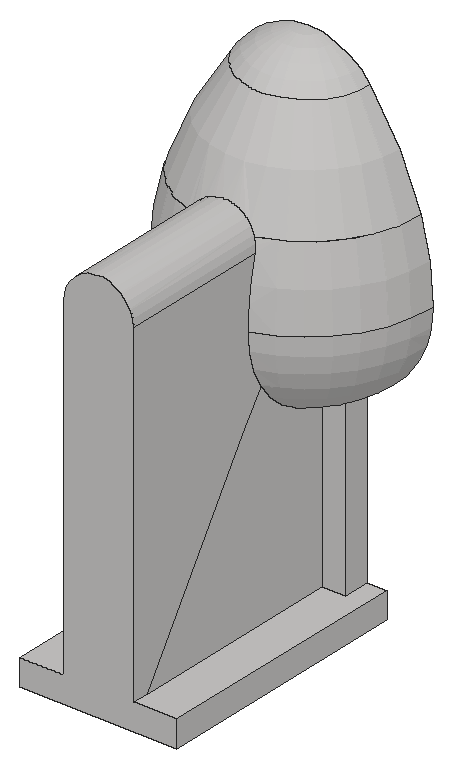
Revit family "LR1695-T-3", category Plumbing Fixtures, host Face, Revit 2018
Family settings
  Host = Face
  Round Connector Dimension = Use Diameter
  Part Type = Normal
  OmniClass Number = 23.45.05.21.11.11
  OmniClass Title = Water Operated Water Closets
  Cut with Voids When Loaded = No
  Shared = Yes
  Room Calculation Point = No
Parameters (values of type "LR1695-T-3")
  Width = 14 1/4"  # constant formula
  Waste Connection = yes
  Warranty Documentation Link = "www.acorneng.com/terms-and-conditions"
  WFU = 10
  W - Wall (Concealed) = no
  Voltage = 0
  Vent Connection = no
  VAC - AcornVac System = no
  URL = "www.acorneng.com"
  Type Comments = ""
  Thickness / Type:  Concrete Block  Steel = no
  Tempered Water Connection = no
  TSC - Toilet Shipping Cover = no
  TG - Twelve Gage Housing = no
  TF Transformer, 120VAC to 24VAC (-MVCFV option) = no
  T - Top (Exposed) = yes
  SW - Wall Sleeve = no
  Product Page URL = "https://www.acorneng.com/lig-res-siphon-jet-toilet-lr1695-series"
  Product Documentation Link = "https://www.acorneng.com/uploads/fileLibrary/LR1695.pdf"
  Model = "LR1695-T-3 "  # constant formula
  Material = Metal Acorn 304 Stainless Steel
  Manufacturer = "Acorn"  # constant formula
  MVCFV - Time-Trol Electronic FV (N/A for Top Supply) = no
  MTPPFV Master-Trol® PLUS Electronic Flush Valve w/ Piezo Button (N/A for Top Supply) = no
  MTPFV Master-Trol® PLUS Electronic Flush Valve (N/A for Top Supply) = no
  MT - Metal Template (Only 1 Required Per Project) = no
  Length = 29"  # constant formula
  LR1695 Ligature Resistant Siphon Jet Toilet = yes
  Installation Type = "Wall Mounted"  # constant formula
  Inlet Diameter Connection = 1 1/2"  # constant formula
  Height = 15"  # constant formula
  HWFU = 0
  HW Connection = yes
  HPS - High Polish Integral Seat = no
  FVT - Flush Valve Thru Wall Connection = no
  FVH - Flush Valve, Hydraulic (N/A for Top Supply) = no
  FVBO - Flush Valve by Others = no
  FV - Flush Valve, Mechanical (N/A for Top Supply, Accessory Options or ADA) = no
  FTE - Flood-Trol, Electronic = no
  FTA - Flood-Trol Auto-Reset (N/A for Top Supply) = no
  FT - Flood-Trol (N/A for Top Supply) = no
  EVSPFV - Electronic Flush Valve w/ Piezo Pushbutton (N/A for Top Supply) = no
  EVSFV - Master-Trol Flush Valve (N/A for Top Supply) = no
  EGE Enviro-Glaze Color Specify: Toilet Exterior Only = no
  EG Enviro-Glaze Color Specify: Toilet Interior & Exterior = no
  Description = "Ligature Resistant Siphon Jet Toilet- On The Floor"
  Default Elevation = 15"
  Creation Date = "4/02/20"  # constant formula
  Connection Size = 2 3/8"  # constant formula
  CWFU = 10
  CW Connection = yes
  Assembly Code = "D2010110"
  Amperage = 0
  ADA - 18" Integral Seat Height = no
  3 On-Floor, Floor Outlet = yes
  1.6 GPF (Not Available in California) = no
  1.28 GPF (HET) = no
Reference planes (in)
  plane 1 "Center (Front/Back)": y = 0
  plane 2: z = 0
  plane 3 "Center (Left/Right)": x = 0
  plane 4: y = -15
  plane 5: x = 0
  plane 6: z = 29
  plane 7: x = 7.125
  plane 8: x = -7.125
  plane 9: y = -1
  plane 10: z = -2.75
  plane 11: z = 2.75
  plane 12: y = 9.60984
  plane 13: y = 3.75
  plane 14: y = -9.5
  plane 15: x = 4.75
  plane 16: y = 11.5
  plane 17: z = 0.03125
  plane 18: y = -14.96875
  plane 19: x = 4.5
  plane 20: z = 4.25
  plane 21: z = 22.688
  plane 22: x = -3.35
  plane 23: x = 3.35
  plane 24: x = -4.5
  plane 25: z = 1.5
Forms (in)
  Revolve 1, solid, material "Metal Acorn 304 Stainless Steel" <- "Material"
    sketch origin (0, 0, 5.22285) x (0, 0, 1) y (1, 0, 0)
      loop
        arc (23.77518, 0) -> (23.24235, 1.99002) -> (21.9104, 3.56163) r 4.70501
        arc (21.9104, 3.56163) -> (19.20724, 5.25341) -> (16.25005, 6.44679) r 18.17867
        arc (16.25005, 6.44679) -> (14.01185, 6.95256) -> (11.72371, 7.125) r 15.62236
        arc (11.72371, 7.125) -> (8.08494, 5.94665) -> (5.83826, 2.85123) r 6.17476
        line (5.83826, 2.85123) -> (5.83826, 0) -> (23.77518, 0)
      axis (23.77518, 0) -> (5.83826, 0)
    angle from 0 to 180
  Revolve 2, void
    sketch origin (0, 0, 0) x (1, 0, 0) y (0, 0, 1)
      loop
        arc (1.65286, 26.13963) -> (0.96864, 26.90371) -> (0, 27.24091) r 2.05081
        line (0, 27.24091) -> (0, 13.45189)
        arc (0, 13.45189) -> (2.33411, 14.04523) -> (3.95651, 15.8251) r 4.192
        arc (3.95651, 15.8251) -> (4.49156, 17.85334) -> (4.23669, 19.93543) r 5.55736
        arc (4.23669, 19.93543) -> (3.07351, 23.09114) -> (1.65286, 26.13963) r 40.55651
      axis (0, 13.45189) -> (0, 27.24091)
    angle from 0 to 360
  Extrusion 3, solid, material "Metal Acorn 304 Stainless Steel" <- "Material"
    sketch origin (-14.37107, -32.5, 1.94576) x (1, 0, 0) y (0, 0, -1)
      loop
        line (11.02107, 1.94576) -> (11.02107, -12.9539)
        arc (11.02107, -12.9539) -> (14.37107, -11.46318) -> (17.72107, -12.9539) r 4.50949
        line (17.72107, -12.9539) -> (17.72107, 1.94576) -> (11.02107, 1.94576)
    from 31 to 32.5
  Revolve 4, solid, material "Metal Acorn 304 Stainless Steel" <- "Material"
    sketch origin (0, 0, -0.125) x (0, 1, 0) y (0, 0, 1)
      loop
        line (0.40854, 2.875) -> (0, 2.875) -> (0, 1.875) -> (0.22395, 1.875) -> (0.22395, 2.04586) -> (0.28612, 2.04586) -> (0.28612, 2.29586) -> (0.40854, 2.29586) -> (0.40854, 2.875)
      axis (0.40854, 2.875) -> (0, 2.875)
    angle from 0 to 360
  Extrusion 5, solid, not visible
    sketch origin (0, 0, 0) x (1, 0, 0) y (0, 0, 1)
      loop
        circle (0, 4.25) r 1.1875
    from 14.96875 to 15
  Blend 6, solid, material "Metal Acorn 304 Stainless Steel" <- "Material"
    base sketch origin (0, 0, 5.22285) x (0, 0, 1) y (1, 0, 0)
      loop
        line (15.48351, 2.00308) -> (-5.22285, 2.00308) -> (-5.22285, -1.99692) -> (15.48351, -1.99692)
        arc (15.48351, -1.99692) -> (17.48351, 0.00308) -> (15.48351, 2.00308) r 2
    top sketch origin (0, 0, 5.22285) x (0, 0, 1) y (1, 0, 0)
      loop
        line (15.46673, 2.00308) -> (-5.22285, 2.00308) -> (-5.22285, -1.99692) -> (15.46673, -1.99692)
        arc (15.46673, -1.99692) -> (17.46673, 0.00308) -> (15.46673, 2.00308) r 2
    from -1.275 to -15
  Extrusion 7, solid, material "Metal Acorn 304 Stainless Steel" <- "Material"
    sketch origin (0, 0, 0) x (0, 1, 0) y (0, 0, 1)
      loop
        line (0, 0) -> (0, 1.5) -> (-15, 1.5) -> (-15, 0) -> (0, 0)
    from -4.5 to 4.5
Cuts and joins
  Revolve 2 cuts Revolve 1
  Revolve 2 cuts Blend 6
  joined: Revolve 1, Extrusion 3, Blend 6, Extrusion 7
Lines and regions (in)
  symbolic lines, detail levels medium+fine
    curve 1: arc (4.23669, -32.5, 19.93543) -> (3.07351, -32.5, 23.09114) -> (1.65286, -32.5, 26.13963) r 40.55651
    curve 2: arc (1.65286, -32.5, 26.13963) -> (0.96864, -32.5, 26.90371) -> (0, -32.5, 27.24091) r 2.05081
    curve 3: arc (0, -32.5, 27.24091) -> (-0.96864, -32.5, 26.90371) -> (-1.65286, -32.5, 26.13963) r 2.05081
    curve 4: arc (-1.65286, -32.5, 26.13963) -> (-3.07351, -32.5, 23.09114) -> (-4.23669, -32.5, 19.93543) r 40.55651
    curve 5: arc (-4.23669, -32.5, 19.93543) -> (-4.49156, -32.5, 17.85334) -> (-3.95651, -32.5, 15.8251) r 5.55736
    curve 6: arc (-3.95651, -32.5, 15.8251) -> (-2.33411, -32.5, 14.04523) -> (0, -32.5, 13.45189) r 4.192
    curve 7: arc (0, -32.5, 13.45189) -> (2.33411, -32.5, 14.04523) -> (3.95651, -32.5, 15.8251) r 4.192
    curve 8: arc (3.95651, -32.5, 15.8251) -> (4.49156, -32.5, 17.85334) -> (4.23669, -32.5, 19.93543) r 5.55736
Dimensions and locks (in)
  Revolve 1 to plane 4 = 15"
  equal spacing: plane 7, plane 3 "Center (Left/Right)", plane 8
  plane 7 to plane 8 = 14 1/4"  (x2)
  plane 13 to plane 4 = 18 3/4"
  locked: plane 17 to level at 0.03125
  locked: plane 18 to plane 4 at 0.03125
  plane 3 "Center (Left/Right)" to plane 19 = 4 1/2"
  locked: plane 20 to host face at 4.25
  plane 6 to host face = 29"
  plane 3 "Center (Left/Right)" to Blend 6 sketch curve = 1.99692"
  plane 21 to host face = 22.688"  (x2)
  plane 23 to plane 3 "Center (Left/Right)" = 3.35"
  plane 19 to plane 3 "Center (Left/Right)" = 4 1/2"
  plane 3 "Center (Left/Right)" to plane 22 = 3.35"
  plane 3 "Center (Left/Right)" to plane 24 = 4 1/2"
  plane 25 to host face = 1 1/2"
  plane 19 to plane 24 = 9"
  cut or joined group of Revolve 1, Revolve 2, Extrusion 3, Blend 6, Extrusion 7 to cut or joined group of Revolve 1, Revolve 2, Extrusion 3, Blend 6, Extrusion 7 = 6.7"
  plane 20 to host face = 4 1/4"
  plane 11 to host face = 2 3/4"
  "Connection Size": diameter of Extrusion 5 sketch curve
  aligned and locked: plane 2 to host face
  aligned and locked: level to host face
  aligned and locked: plane 5 to Revolve 1 sketch curve  (x2)
  aligned and locked: plane 3 "Center (Left/Right)" to Revolve 4
  aligned and locked: plane 4 to Extrusion 5
  aligned and locked: Extrusion 5 to plane 18
  aligned and locked: plane 20 to Extrusion 5 sketch curve
  aligned and locked: plane 3 "Center (Left/Right)" to Extrusion 5 sketch curve
Automatic sketch dimensions
  host sketch curve to host sketch curve = 96"  (x2)
  Revolve 1 sketch curve to plane 7 = 0"  (x2)
  Revolve 1 sketch curve to plane 11 = 8.31111"
  Revolve 1 sketch curve to plane 8 = 3.81766"
  Revolve 1 sketch curve to Revolve 1 sketch curve = 5.11361"
  Revolve 1 sketch curve to plane 8 = 1.37234"
  Revolve 1 sketch curve to Revolve 1 sketch curve = 0.74503"
  plane 3 "Center (Left/Right)" to Revolve 1 sketch curve = 0.95025"
  Revolve 1 sketch curve to Revolve 1 sketch curve = 5.87486"
  Revolve 1 sketch curve to plane 3 "Center (Left/Right)" = 0.19237"
  Revolve 1 sketch curve to plane 6 = 4.70305"
  Revolve 1 sketch curve to plane 6 = 0.00197"
  Revolve 1 sketch curve to Revolve 1 sketch curve = 0"
  plane 6 to Revolve 1 sketch curve = 2.23409"
  Revolve 1 sketch curve to Revolve 1 sketch curve = 2.07495"
  Revolve 2 sketch curve to plane 3 "Center (Left/Right)" = 0"  (x2)
  Revolve 2 sketch curve to plane 3 "Center (Left/Right)" = 0.1685"
  Revolve 2 sketch curve to plane 3 "Center (Left/Right)" = 1.05293"
  Revolve 2 sketch curve to plane 11 = 4.7489"
  Revolve 2 sketch curve to plane 8 = 27.24094"
  plane 3 "Center (Left/Right)" to Revolve 2 sketch curve = 0.17781"
  Revolve 2 sketch curve to plane 11 = 10.70189"
  Revolve 2 sketch curve to Revolve 2 sketch curve = 4.18823"
  Revolve 2 sketch curve to Revolve 2 sketch curve = 0.59116"
  Revolve 2 sketch curve to plane 6 = 3.80297"
  Revolve 2 sketch curve to plane 6 = 1.75909"
  Revolve 2 sketch curve to Revolve 2 sketch curve = 0"  (x2)
  plane 6 to Revolve 2 sketch curve = 1"
  Revolve 2 sketch curve to Revolve 2 sketch curve = 1"
  Revolve 4 sketch curve to plane 1 "Center (Front/Back)" = 0"
  plane 11 to Revolve 4 sketch curve = 0"  (x2)
  Revolve 4 sketch curve to plane 1 "Center (Front/Back)" = 0.22395"
  Revolve 4 sketch curve to Revolve 4 sketch curve = 0.06217"
  Revolve 4 sketch curve to Revolve 4 sketch curve = 0.12242"
  plane 11 to Revolve 4 sketch curve = 0.57914"
  Revolve 4 sketch curve to Revolve 4 sketch curve = 1/4"
  Revolve 4 sketch curve to Revolve 4 sketch curve = 0.17086"
  Revolve 4 sketch curve to Revolve 4 sketch curve = 0.1698"
  Revolve 4 sketch curve to Revolve 4 sketch curve = 1 1/4"
  curve 7 to plane 3 "Center (Left/Right)" = 0"
  curve 3 to plane 3 "Center (Left/Right)" = 0"
  curve 1 to plane 11 = 4.7489"
  curve 1 to plane 8 = 27.24094"
  curve 8 to plane 3 "Center (Left/Right)" = 1.05293"
  curve 6 to plane 3 "Center (Left/Right)" = 0.17781"
  curve 2 to plane 3 "Center (Left/Right)" = 0.1685"
  plane 3 "Center (Left/Right)" to curve 3 = 0.1685"
  plane 3 "Center (Left/Right)" to curve 7 = 0.17781"
  plane 3 "Center (Left/Right)" to curve 5 = 1.05293"
  curve 4 to plane 11 = 4.7489"
  plane 7 to curve 4 = 27.24094"
  curve 7 to plane 6 = 11.35988"
  curve 6 to curve 7 = 0"
  curve 8 to curve 6 = 0.59116"
  curve 5 to curve 7 = 0.59116"
  curve 3 to plane 6 = 3.80297"
  curve 2 to curve 3 = 0"
  plane 8 to curve 4 = 2.88831"
  curve 5 to curve 4 = 0"
  curve 6 to curve 5 = 0"
  curve 3 to curve 4 = 0"
  curve 1 to curve 2 = 0"
  curve 8 to curve 7 = 0"
  Blend 6 sketch curve to level = 0"  (x2)
  plane 3 "Center (Left/Right)" to Blend 6 sketch curve = 0.00308"  (x2)
  Blend 6 sketch curve to plane 21 = 1.99842"
  Blend 6 sketch curve to plane 21 = 1.98164"
  Blend 6 sketch curve to plane 3 "Center (Left/Right)" = 1.99692"
  Extrusion 3 sketch curve to level = 0"
  Extrusion 3 sketch curve to plane 22 = 0"
  Extrusion 3 sketch curve to plane 3 "Center (Left/Right)" = 0"
  Extrusion 3 sketch curve to plane 23 = 0"
  Extrusion 3 sketch curve to plane 21 = 4.76956"
  Extrusion 3 sketch curve to Extrusion 3 sketch curve = 3.01877"
  Extrusion 7 sketch curve to plane 1 "Center (Front/Back)" = 0"
  Extrusion 7 sketch curve to level = 0"
  plane 11 to Extrusion 7 sketch curve = 1 1/4"
  plane 4 to Extrusion 7 sketch curve = 0"
Connectors (in)
  piping at (0, -15, 4.25), diameter 2.375, driven by "WFU", driven by "Connection Size"
    settings: on Extrusion 5, index 3, connector inside diameter 24", connector length 0", flow factor 0, pipe flow 0 GPM, pressure drop 0.00 psi, fitting loss kfactor 0, connector angle 0.00°, fixture units 10, engagement length 0", angle of deflection 0.00°, flow configuration 3, flow direction 2, fitting loss method 0, system type 16, joint type 0, gender type 0, connector reference index -1, connector utility 0, adjustable connector no, is connector primary yes, connector description "2 3/8” Gasketed Waste Connection"
  piping at (0, 0.40854, 2.75), diameter 1.5
    settings: on Revolve 4, index 4, connector inside diameter 24", connector length 0", flow factor 0, pipe flow 0 GPM, pressure drop 0.00 psi, fitting loss kfactor 0, connector angle 0.00°, fixture units 0, engagement length 0", angle of deflection 0.00°, flow configuration 0, flow direction 1, fitting loss method 0, system type 7, joint type 0, gender type 0, connector reference index -1, connector utility 0, adjustable connector no, is connector primary no, connector description "1-1/2\" Male NPT Inlet Connector"
